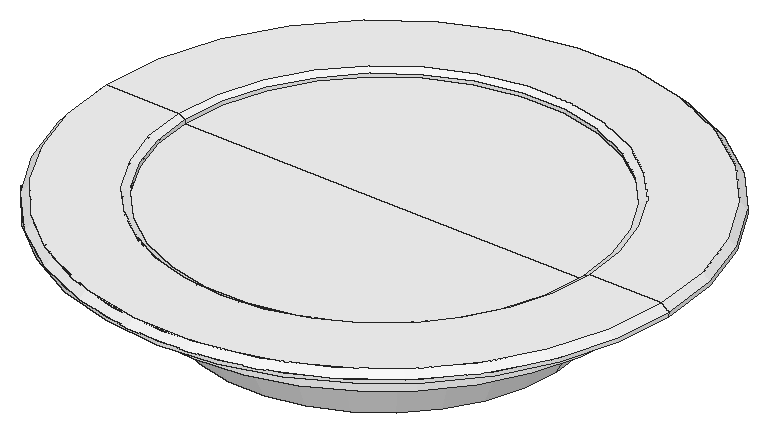
Revit family "0053879 Sylvania Lighting Fixture START eco Downlight Flat 1000lm 840", category Lighting Fixtures, host Face, Revit 2016
Family settings
  Host = Face
  Part Type = Normal
  Round Connector Dimension = Use Diameter
  OmniClass Number = 23.80.70.11.14.11
  OmniClass Title = Downlights
  Cut with Voids When Loaded = No
  Light Source = Yes
  Shared = No
  Room Calculation Point = No
Parameters (values of type "0053879 START eco Downlight Flat 1000lm 840 ")
  Weight = "3.312 kg"
  Wattage Comments = "n/a"
  Wattage = 12 W
  WarrantyStartDate [instance] = "n/a"
  WarrantyGuarantorParts = "n/a"
  WarrantyDurationUnit = "year"
  WarrantyDurationParts = "n/a"
  WarrantyDescription = "n/a"
  built-in parameter 1150110 = 1 (stored number, unit not read)
  Voltage = 230 V
  URL = "http://www.feilosylvania.com"
  TypeName = "START eco Downlight Flat 1000lm 840"
  Type Image = <None>
  Type Comments = "n/a"
  built-in parameter 1114217 = 1 (stored number, unit not read)
  Tilt Angle = -90.00°
  built-in parameter 1150109 = 1 (stored number, unit not read)
  built-in parameter 1150134 = 12
  built-in parameter 1150113 = 1 (stored number, unit not read)
  SerialNumber [instance] = "n/a"
  ReflectorMaterial = none
  RecessedHeight_FEILO = 27 mm
  RecessedDiameter_FEILO = 145 mm
  PowerFactor = 0
  PowerConsumption = "12 W"
  Photometric Web File = "0053294.ies"
  NominalLength = 165 mm
  NominalHeight = 27 mm
  NominalDepth = 165 mm
  Name = "START eco Downlight Flat 1000lm 840"
  ModelReference = Name  # "START eco Downlight Flat 1000lm 840"
  ModelNumber = "0053879"
  Model = Name  # "START eco Downlight Flat 1000lm 840"
  Material = "Polycarbonate"
  ManufacturerName = "Feilo Sylvania"
  Manufacturer = "Feilo Sylvania"
  LuminousEfficacy = "80 lm/W"
  built-in parameter 1150105 = 336.3 (stored number, unit not read)
  Lumens = 960 lm
  LuminaireType = "LED recessed downlight"
  built-in parameter 1150115 = 1 (stored number, unit not read)
  LightOutputRatio = "1"
  built-in parameter 1150137 = (empty or 0)
  built-in parameter 1150139 = (empty or 0)
  LampsType = Lamp  # "LED"
  LampNominalLuminous = "960 lm"
  LampMacAdamStep = "5"
  LampColourTemperature = "3000 K"
  LampColourRenderingIndex = "80"
  built-in parameter 1150112 = 1 (stored number, unit not read)
  built-in parameter 1150114 = 1 (stored number, unit not read)
  Lamp = "LED"
  Keynote = "16500"
  InstallationDate [instance] = "n/a"
  InputVoltage = "220-240V~"
  InputNominalFrequency = "50/60 Hz"
  built-in parameter 1150132 = (empty or 0)
  built-in parameter 1150102 = (empty or 0)
  built-in parameter 1150107 = 4000 (stored number, unit not read)
  built-in parameter 1150138 = (empty or 0)
  IngressProtection = "IP20"
  ImpactProtectionIndex = "IK06"
  built-in parameter 1150106 = 3.363 (stored number, unit not read)
  IfcExportType = "IfcLightFixtureType"
  IfcExportAs = "IfcLightFixtureType"
  ExpectedLife = 50000
  Emit from Circle Diameter = BodyLength_FEILO - 48 mm  # 125 mm
  Emit Shape Visible in Rendering = no
  ElectricShockClassification = "Class II"
  built-in parameter 1150104 = 7.4322 (stored number, unit not read)
  DurationUnit = "hours"
  DocumentationLiterature = "http://www.feilosylvania.com/product/en-int/products/0053294"
  DimmingControlOptions = "Non dimmable"
  Dimming Lamp Color Temperature Shift = <None>
  DiffuserMaterial = Diffuser-Sylvania-Glow
  Description = "Integrated round recessed 165mm diameter LED downlight providing uniform distribution with an opal diffuser, 110° beam angle, 960LM, 12W, 74lm/W, 4000K, CRI80, non-dimmable, IP20, IK06, 25,000hrs (L70)"
  Default Elevation = 1219.2 mm
  CutoutHeight_FEILO = RecessedHeight_FEILO + 10 mm  # 37 mm
  CreatedOn = "'03-11-2017"
  CreatedBy = "aron.fodor@feilosylvania.com"
  Cost = 0
  Color Filter = 16777215
  built-in parameter 1114216 [instance] = (empty or 0)
  ClassificationValue = "EF_70_80"
  ClassificationName = "Uniclass2015"
  BodyWidth_FEILO = BodyLength_FEILO  # 173 mm
  BodyMaterial = Body-Sylvania-SylFlatDimmable-White
  BodyLength_FEILO = 173 mm
  BarCode [instance] = "n/a"
  built-in parameter 1114218 = 1 (stored number, unit not read)
  built-in parameter 1150133 = 10 (stored number, unit not read)
  AssetType = "Fixed"
  AssetIdentifier [instance] = "n/a"
  Assembly Code = "D5020200"
  Apparent Load = 0 VA
  AccessoryMaterial = Diffuser-Sylvania-Glow
Reference planes
  plane 1 "Center (Front/Back)": y = 0
  plane 2: z = 0
  plane 3 "Center (Left/Right)": x = 0
  plane 4: x = 86.5
  plane 5: x = -86.5
  plane 6: y = 86.5
  plane 7: y = -86.5
  plane 8: z = 3
  plane 9: z = -27
  plane 10: x = 72.5
  plane 11: x = -72.5
  plane 12: y = 72.5
  plane 13: y = -72.5
  plane 14: z = 2
  plane 15: x = -62.5
  plane 16: z = -27
  plane 17: z = -37
  plane 18: x = -52.5
  plane 19: z = -10
  plane 20: z = 1
  plane 21: x = -84.5
  plane 22: x = -60.5
Forms (mm)
  Revolve 1, void
    sketch origin (0, 0, 0) x (1, 0, 0) y (0, 0, 1)
      loop
        line (0, 0) -> (-72.5, 0) -> (-72.5, -37) -> (0, -37) -> (0, 0)
      axis (0, 0) -> (0, -37)
    angle from 360 to 0
  Revolve 2, solid, material "Body-Sylvania-SylFlatDimmable-White" <- "BodyMaterial"
    sketch origin (0, 0, 0) x (1, 0, 0) y (0, 0, 1)
      loop
        line (0, 1) -> (-60.5, 1) -> (-60.5, 2) -> (-62.5, 3) -> (-84.5, 3) -> (-86.5, 1) -> (-86.5, 0) -> (-72.5, 0) -> (-72.5, -10) -> (-62.5, -10) -> (-52.5, -27) -> (0, -27) -> (0, 1)
      axis (0, 3) -> (0, -27)
    angle from 360 to 0
Dimensions and locks
  equal spacing: plane 5, plane 3 "Center (Left/Right)", plane 4
  equal spacing: plane 7, plane 1 "Center (Front/Back)", plane 6
  "BodyWidth_FEILO": plane 7 to plane 6
  "BodyLength_FEILO": plane 5 to plane 4
  locked: plane 8 to plane 2 at 3
  equal spacing: plane 11, plane 3 "Center (Left/Right)", plane 10
  "RecessedDiameter_FEILO": plane 11 to plane 10
  equal spacing: plane 13, plane 1 "Center (Front/Back)", plane 12
  "RecessedDiameter_FEILO": plane 13 to plane 12
  locked: plane 14 to plane 2 at 2
  locked: plane 15 to plane 5 at 24
  "RecessedHeight_FEILO": plane 2 to plane 16
  "CutoutHeight_FEILO": plane 2 to plane 17
  locked: plane 18 to plane 15 at 10
  locked: plane 2 to plane 19 at 10
  locked: plane 20 to plane 2 at 1
  locked: plane 21 to plane 5 at 2
  locked: plane 22 to plane 15 at 2
  aligned and locked: plane 2 to host face
  aligned and locked: level to host face
  aligned and locked: Revolve 1 sketch curve to plane 3 "Center (Left/Right)"
  aligned and locked: plane 17 to Revolve 1 sketch curve
  aligned and locked: plane 3 "Center (Left/Right)" to Revolve 1 sketch curve
  aligned and locked: Revolve 1 sketch curve to plane 11
  aligned and locked: level to Revolve 1 sketch curve
  aligned and locked: Revolve 2 sketch curve to plane 8
  aligned and locked: plane 5 to Revolve 2 sketch curve
  aligned and locked: Revolve 2 sketch curve to level
  aligned and locked: Revolve 2 sketch curve to plane 11
  aligned and locked: plane 19 to Revolve 2 sketch curve
  aligned and locked: plane 9 to Revolve 2 sketch curve
  aligned and locked: plane 3 "Center (Left/Right)" to Revolve 2 sketch curve
  aligned and locked: Revolve 2 sketch curve to plane 3 "Center (Left/Right)"
  aligned and locked: plane 3 "Center (Left/Right)" to imposter light
  aligned and locked: imposter light to plane 14
  aligned and locked: imposter light to plane 1 "Center (Front/Back)"
  aligned and locked: Revolve 2 sketch curve to plane 20
  aligned and locked: plane 22 to Revolve 2 sketch curve
Automatic sketch dimensions
  host sketch curve to host sketch curve = 2438.4 mm  (x2)
  plane 17 to Revolve 1 sketch curve = 577.6 mm
  Revolve 1 sketch curve to plane 8 = 2606.058 mm
  Revolve 2 sketch curve to plane 21 = 0 mm
  Revolve 2 sketch curve to plane 15 = 0 mm  (x2)
  Revolve 2 sketch curve to plane 14 = 0 mm
  Revolve 2 sketch curve to plane 18 = 0 mm
  Revolve 2 sketch curve to plane 20 = 0 mm
  plane 17 to Revolve 2 sketch curve = 572.6 mm
  Revolve 2 sketch curve to plane 8 = 2606.058 mm
Connectors
  electrical at (0, 0, 0), driven by "Apparent Load", driven by "PowerFactor", driven by "Voltage"
    settings: index 1, voltage 230 V, apparent load 0 VA, apparent load phase1 0 VA, apparent load phase2 0 VA, apparent load phase3 0 VA, power factor 0, load classification "Lighting", number of poles 1, system type 30, power factor state 1, is connector primary yes, connector utility no, sub classification motor no, connector description ""
